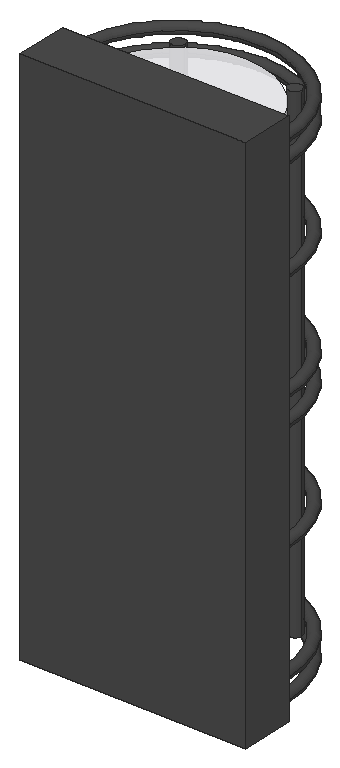
Revit family
Parameters (values of type "Biax 4-Pin 2 -  39W - 277V")
  Width = 0' - 8 3/8"
  Wet Location [instance] = yes
  Watts = 78 W
  Wattage = 38.373 W
  built-in parameter 1150110 = 1 (stored number, unit not read)
  Voltage = 277 V
  URL = "http://teronlighting.com/"
  built-in parameter 1114217 = 0.81 (stored number, unit not read)
  Tilt Angle = 0.00°
  built-in parameter 1150109 = 1 (stored number, unit not read)
  built-in parameter 1150134 = (empty or 0)
  built-in parameter 1150113 = 1 (stored number, unit not read)
  Requires Special Disposal = no
  Remote Battery [instance] = no
  Product Page URL = "http://teronlighting.com/royal-eb-fld/"
  Product Documentation URL = "http://teronlighting.com/wp-content/uploads/Royal-EB-FLD1.pdf"
  Product = "Royal EB FLD"
  Point of Final Manufacture = "Fairfield, OH, USA"
  Photometric Web File = "generic.ies"
  Percentage Pre-Consumer = no
  Percentage Post-Consumer = no
  Number of Lamps = 2
  built-in parameter 1150142 = (empty or 0)
  Mounting Type = "4\" Junction Box"
  Model = "RL - EB - FLD - 139X"
  MasterFormat 2004 Title = "Exterior Lighting"
  MasterFormat 2004 Number = "26.56.00"
  Manufacturer Telephone = "01-513-858-6004"
  Manufacturer Email = "sales@teronlight.com"
  Manufacturer Address = "33 Donald Drive Fairfield, OH 45014"
  Manufacturer = "Teron Lighting"
  Lumens = 5700 lm
  built-in parameter 1150115 = 1 (stored number, unit not read)
  built-in parameter 1150105 = 453.59 (stored number, unit not read)
  built-in parameter 1150137 = (empty or 0)
  built-in parameter 1150139 = 0.81 (stored number, unit not read)
  Length [instance] = 1' - 8 1/8"
  built-in parameter 1150112 = 1 (stored number, unit not read)
  built-in parameter 1150114 = 1 (stored number, unit not read)
  Lamp Base = "4-Pin"
  Lamp = "2 - 39W Biax 4-Pin"
  Integral Battery [instance] = no
  built-in parameter 1150132 = 2
  built-in parameter 1150102 = (empty or 0)
  built-in parameter 1150138 = 4100 (stored number, unit not read)
  built-in parameter 1150107 = 4100 (stored number, unit not read)
  Industry Standards = "ETL, Buy America Act, Vandal Resistant"
  built-in parameter 1150106 = 4.5359 (stored number, unit not read)
  Fused [instance] = no
  Fixture Material = Paint - TLI - Textured Black
  Fixture = "Steel"
  Finish = "Textured Black"
  Emergency Light Fixture [instance] = no
  Electronic Ballast [instance] = yes
  built-in parameter 1150104 = 13.8 (stored number, unit not read)
  Distributor Locations = "USA, Canada, Puerto Rico"
  Dimming Lamp Color Temperature Shift = (empty or 0)
  Dimming Ballast [instance] = no
  Diffuser Material = Polycarbonate - TLI - Luminous White
  Diffuser = "Polycarbonate - Luminous White"
  Description = "Architectectural Outdoor"
  Depth [instance] = 0' - 6 1/8"
  Date Created = "8.1.2011"
  Created By = "RenderSpec  http://rederspec.com"
  Cost = 0
  Conditions of Use = "Elements are representations. Color and detail may differ from actual product. Information is for general use and should be reviewed by a Professional."
  Color Filter = 16777215
  built-in parameter 1114218 = 1 (stored number, unit not read)
  built-in parameter 1150133 = 10 (stored number, unit not read)
  Apparent Load = 78 VA
  Amps = Watts / Voltage / 1 A  # 0.28159
  ADA Compliant = no
Types (8): name | Watts | Wattage | Voltage | Model | Lumens | built-in parameter 1150105 | Lamp | built-in parameter 1150106 | Apparent Load | Amps
  QE 2 -  26W - 120V | 52 W | 24.2356 W | 120 V | "RL - EB - FLD - 226X" | 3600 lm | 286.48 (stored number, unit not read) | "2 - 26W QE" | 2.8648 (stored number, unit not read) | 52 VA | 0.43333
  QE 2 -  26W - 277V | 52 W | 24.2356 W | 277 V | "RL - EB - FLD - 226X" | 3600 lm | 286.48 (stored number, unit not read) | "2 - 26W QE" | 2.8648 (stored number, unit not read) | 52 VA | 0.18773
  TBX 2 -  32W - 120V | 64 W | 32.3141 W | 120 V | "RL - EB - FLD - 232X" | 4800 lm | 381.97 (stored number, unit not read) | "2 - 32W TBX" | 3.8197 (stored number, unit not read) | 64 VA | 0.53333
  TBX 2 -  32W - 277V | 64 W | 32.3141 W | 277 V | "RL - EB - FLD - 232X" | 4800 lm | 381.97 (stored number, unit not read) | "2 - 32W TBX" | 3.8197 (stored number, unit not read) | 64 VA | 0.23105
  Biax 4-Pin 2 -  27W - 120V | 54 W | 24.2356 W | 120 V | "RL - EB - FLD - 139X" | 3600 lm | 286.48 (stored number, unit not read) | "2 - 27W Biax 4-Pin" | 2.8648 (stored number, unit not read) | 54 VA | 0.45
  Biax 4-Pin 2 -  27W - 277V | 54 W | 24.2356 W | 277 V | "RL - EB - FLD - 139X" | 3600 lm | 286.48 (stored number, unit not read) | "2 - 27W Biax 4-Pin" | 2.8648 (stored number, unit not read) | 54 VA | 0.19495
  Biax 4-Pin 2 -  39W - 120V | 78 W | 38.373 W | 120 V | "RL - EB - FLD - 139X" | 5700 lm | 453.59 (stored number, unit not read) | "2 - 39W Biax 4-Pin" | 4.5359 (stored number, unit not read) | 78 VA | 0.65
  Biax 4-Pin 2 -  39W - 277V | 78 W | 38.373 W | 277 V | "RL - EB - FLD - 139X" | 5700 lm | 453.59 (stored number, unit not read) | "2 - 39W Biax 4-Pin" | 4.5359 (stored number, unit not read) | 78 VA | 0.28159
Reference planes (in)
  plane 1: y = 0
  plane 2 "Light Source Axis (L/R)": x = 4.92126
  plane 3 "Light Source Axis (F/R)": y = 4.95276
  plane 4 "Light Source Elevation": z = 60
  plane 5: y = 7.95276
  plane 6: y = 9.07776
  plane 7: x = 1.12126
  plane 8: x = 8.72126
  plane 9: z = 60.80364
  plane 10: y = 3.95276
  plane 11: z = 70.0625
  plane 12: z = 49.9375
  plane 13: z = 69.0625
  plane 14: z = 50.9375
Forms (in)
  Extrusion 1, solid, material "Paint - TLI - Textured Black" <- "Fixture Material"
    sketch origin (0, 0, 60) x (1, 0, 0) y (0, 1, 0)
      loop
        line (0.73376, 2.95276) -> (9.10876, 2.95276) -> (9.10876, 4.95276) -> (0.73376, 4.95276) -> (0.73376, 2.95276)
    from -10.0625 to 10.0625
  Sweep 2, solid, material "Paint - TLI - Textured Black" <- "Fixture Material"
    path origin (0, 0, 60) x (1, 0, 0) y (0, 1, 0)
      loop
        arc (8.92126, 4.95276) -> (4.92126, 8.95276) -> (0.92126, 4.95276) r 4
    profile origin (4.92126, 8.95276, 60) x (0, -1, 0) y (0, 0, 1)
      loop
        circle (0, -0.2) r 0.2
  Sweep 3, solid, material "Paint - TLI - Textured Black" <- "Fixture Material"
    path origin (0, 0, 65.00364) x (1, 0, 0) y (0, 1, 0)
      loop
        arc (8.92126, 4.95276) -> (4.92126, 8.95276) -> (0.92126, 4.95276) r 4
    profile origin (4.92126, 8.95276, 65.00364) x (0, -1, 0) y (0, 0, 1)
      loop
        circle (0, -0.2) r 0.2
  Sweep 4, solid, material "Paint - TLI - Textured Black" <- "Fixture Material"
    path origin (0, 0, 61.00364) x (1, 0, 0) y (0, 1, 0)
      loop
        arc (8.92126, 4.95276) -> (4.92126, 8.95276) -> (0.92126, 4.95276) r 4
    profile origin (4.92126, 8.95276, 61.00364) x (0, -1, 0) y (0, 0, 1)
      loop
        circle (0, -0.2) r 0.2
  Sweep 5, solid, material "Paint - TLI - Textured Black" <- "Fixture Material"
    path origin (0, 0, 56.00364) x (1, 0, 0) y (0, 1, 0)
      loop
        arc (8.92126, 4.95276) -> (4.92126, 8.95276) -> (0.92126, 4.95276) r 4
    profile origin (4.92126, 8.95276, 56.00364) x (0, -1, 0) y (0, 0, 1)
      loop
        circle (0, -0.2) r 0.2
  Sweep 6, solid, material "Paint - TLI - Textured Black" <- "Fixture Material"
    path origin (0, 0, 50.89114) x (1, 0, 0) y (0, 1, 0)
      loop
        arc (8.92126, 4.95276) -> (4.92126, 8.95276) -> (0.92126, 4.95276) r 4
    profile origin (4.92126, 8.95276, 50.89114) x (0, -1, 0) y (0, 0, 1)
      loop
        circle (0, -0.2) r 0.2
  Extrusion 7, solid, material "Paint - TLI - Textured Black" <- "Fixture Material"
    sketch origin (0, 0, 60) x (1, 0, 0) y (0, 1, 0)
      loop
        circle (2.75722, 7.7615) r 0.25
      loop
        circle (7.0853, 7.7615) r 0.25
    from -9.0625 to 9.0625
  Extrusion 8, solid, material "Polycarbonate - TLI - Luminous White" <- "Diffuser Material"
    sketch origin (0, 0, 60) x (1, 0, 0) y (0, 1, 0)
      loop
        line (1.67126, 4.95276) -> (8.17126, 4.95276)
        arc (8.17126, 4.95276) -> (4.92126, 8.20276) -> (1.67126, 4.95276) r 3.25
    from 9.0625 to -9.0625
  Sweep 9, solid, material "Paint - TLI - Textured Black" <- "Fixture Material"
    path origin (0, 0, 51.64114) x (1, 0, 0) y (0, 1, 0)
      loop
        arc (8.92126, 4.95276) -> (4.92126, 8.95276) -> (0.92126, 4.95276) r 4
    profile origin (4.92126, 8.95276, 51.64114) x (0, -1, 0) y (0, 0, 1)
      loop
        circle (0, -0.2) r 0.2
  Sweep 10, solid, material "Paint - TLI - Textured Black" <- "Fixture Material"
    path origin (0, 0, 69.10886) x (0, -1, 0) y (1, 0, 0)
      loop
        arc (-4.95276, 8.92126) -> (-8.95276, 4.92126) -> (-4.95276, 0.92126) r 4
    profile origin (4.92126, 8.95276, 69.10886) x (0, -1, 0) y (0, 0, 1)
      loop
        circle (0, 0.2) r 0.2
  Sweep 11, solid, material "Paint - TLI - Textured Black" <- "Fixture Material"
    path origin (0, 0, 68.35886) x (0, -1, 0) y (1, 0, 0)
      loop
        arc (-4.95276, 8.92126) -> (-8.95276, 4.92126) -> (-4.95276, 0.92126) r 4
    profile origin (4.92126, 8.95276, 68.35886) x (0, -1, 0) y (0, 0, 1)
      loop
        circle (0, 0.2) r 0.2
Text (in)
  text "Placement side" at (-70.3598, 43.96769, 0), in view "Ref. Level"
  text "Placement side" at (0, 83.08644, 117.56134), in view "Left"
  text "Placement side" at (0, 24.74324, 118.58137), in view "Right"
Dimensions and locks (in)
  Extrusion 1 to Extrusion 1 = 0' - 2"
  host wall to plane 5 = 0' - 5"
  host wall to plane 6 = 0' - 6 1/8"  (x2)
  equal spacing: plane 12, plane 4 "Light Source Elevation", plane 11
  aligned and locked: plane 1 to host wall
  aligned and locked: plane 2 "Light Source Axis (L/R)" to imposter light
  aligned and locked: plane 3 "Light Source Axis (F/R)" to imposter light
  aligned and locked: plane 4 "Light Source Elevation" to imposter light
  aligned and locked: plane 11 to Extrusion 1
  aligned and locked: Extrusion 1 to plane 12
  aligned and locked: Extrusion 8 to plane 14
  aligned and locked: plane 13 to Extrusion 8
  aligned and locked: nested 1 to host wall
Automatic sketch dimensions
  plane 3 "Light Source Axis (F/R)" to Extrusion 1 sketch curve = 0' - 0"
  Extrusion 1 sketch curve to host wall = 0' - 0"
  plane 7 to Extrusion 1 sketch curve = 0' - 0.3875"
  Extrusion 1 sketch curve to plane 8 = 0' - 0.3875"
  plane 3 "Light Source Axis (F/R)" to Sweep 2 sketch curve = 0' - 0"
  Sweep 2 sketch curve to plane 2 "Light Source Axis (L/R)" = 0' - 0"
  plane 7 to Sweep 2 sketch curve = 0' - 0.2"
  Sweep 2 sketch curve to profile plane = 0' - 0"
  Sweep 2 sketch curve to plane 4 "Light Source Elevation" = 0' - 0.2"
  plane 3 "Light Source Axis (F/R)" to Sweep 3 sketch curve = 0' - 0"
  Sweep 3 sketch curve to plane 2 "Light Source Axis (L/R)" = 0' - 0"
  plane 7 to Sweep 3 sketch curve = 0' - 0.2"
  Sweep 3 sketch curve to profile plane = 0' - 0"
  Sweep 3 sketch curve to profile plane = 0' - 0.2"
  plane 3 "Light Source Axis (F/R)" to Sweep 4 sketch curve = 0' - 0"
  Sweep 4 sketch curve to plane 2 "Light Source Axis (L/R)" = 0' - 0"
  plane 7 to Sweep 4 sketch curve = 0' - 0.2"
  Sweep 4 sketch curve to profile plane = 0' - 0"
  Sweep 4 sketch curve to profile plane = 0' - 0.2"
  plane 3 "Light Source Axis (F/R)" to Sweep 5 sketch curve = 0' - 0"
  Sweep 5 sketch curve to plane 2 "Light Source Axis (L/R)" = 0' - 0"
  plane 7 to Sweep 5 sketch curve = 0' - 0.2"
  Sweep 5 sketch curve to profile plane = 0' - 0"
  Sweep 5 sketch curve to profile plane = 0' - 0.2"
  plane 3 "Light Source Axis (F/R)" to Sweep 6 sketch curve = 0' - 0"
  Sweep 6 sketch curve to plane 2 "Light Source Axis (L/R)" = 0' - 0"
  plane 7 to Sweep 6 sketch curve = 0' - 0.2"
  Sweep 6 sketch curve to profile plane = 0' - 0"
  Sweep 6 sketch curve to profile plane = 0' - 0.2"
  Extrusion 7 sketch curve to plane 5 = 0' - 0.19126"  (x2)
  Extrusion 7 sketch curve to plane 7 = 0' - 1.63596"
  plane 8 to Extrusion 7 sketch curve = 0' - 1.63596"
  plane 3 "Light Source Axis (F/R)" to Extrusion 8 sketch curve = 0' - 0"
  Extrusion 8 sketch curve to plane 2 "Light Source Axis (L/R)" = 0' - 0"
  Extrusion 8 sketch curve to plane 7 = 0' - 0.55"
  plane 3 "Light Source Axis (F/R)" to Sweep 9 sketch curve = 0' - 0"
  Sweep 9 sketch curve to plane 2 "Light Source Axis (L/R)" = 0' - 0"
  plane 7 to Sweep 9 sketch curve = 0' - 0.2"
  Sweep 9 sketch curve to profile plane = 0' - 0"
  Sweep 9 sketch curve to profile plane = 0' - 0.2"
  plane 3 "Light Source Axis (F/R)" to Sweep 10 sketch curve = 0' - 0"
  Sweep 10 sketch curve to plane 2 "Light Source Axis (L/R)" = 0' - 0"
  plane 7 to Sweep 10 sketch curve = 0' - 0.2"
  Sweep 10 sketch curve to profile plane = 0' - 0"
  profile plane to Sweep 10 sketch curve = 0' - 0.2"
  plane 3 "Light Source Axis (F/R)" to Sweep 11 sketch curve = 0' - 0"
  Sweep 11 sketch curve to plane 2 "Light Source Axis (L/R)" = 0' - 0"
  plane 7 to Sweep 11 sketch curve = 0' - 0.2"
  Sweep 11 sketch curve to profile plane = 0' - 0"
  profile plane to Sweep 11 sketch curve = 0' - 0.2"
  radius of Sweep 2 sketch curve = 0' - 0.2"
  radius of Sweep 3 sketch curve = 0' - 0.2"
  radius of Sweep 4 sketch curve = 0' - 0.2"
  radius of Sweep 5 sketch curve = 0' - 0.2"
  radius of Sweep 6 sketch curve = 0' - 0.2"
  radius of Extrusion 7 sketch curve = 0' - 0 1/4"  (x2)
  radius of Sweep 9 sketch curve = 0' - 0.2"
  radius of Sweep 10 sketch curve = 0' - 0.2"
  radius of Sweep 11 sketch curve = 0' - 0.2"
Nested families (in)
  nested 1: "Wall Mounted Light Fixture" at (4.92126, 2.95276, 0), Emergency Light Fixture <- "Emergency Light Fixture", type "Wall Mounted Light Fixture"
    with Emergency Light Fixture no
Connectors (in)
  electrical at (4.92126, 2.95276, 60), driven by "Voltage", driven by "Apparent Load"
    settings: on Extrusion 1, index 1, voltage 277 V, apparent load 78 VA, apparent load phase1 0 VA, apparent load phase2 0 VA, apparent load phase3 0 VA, power factor 1, load classification "Other", number of poles 1, system type 30, power factor state 1, is connector primary yes, connector utility no, sub classification motor no, connector description ""
Definition of nested family "Wall Mounted Light Fixture"
  Parameters (values of type "Wall Mounted Light Fixture")
    Emergency Light Fixture [instance] = no
  Reference planes (in)
    plane 1: y = 0
    plane 2: x = 0
  Lines and regions (in)
    detail lines, built-in parameter 1006310 <- "Emergency Light Fixture"
      curve 1: circle (0, 0.125, 0) r 0.0625 normal (0, 0, 1)
    detail lines
      curve 2: line (-0.0625, 0, 0) -> (0.0625, 0, 0)
      curve 3: line (0, 0, 0) -> (0, 0.0625, 0)
